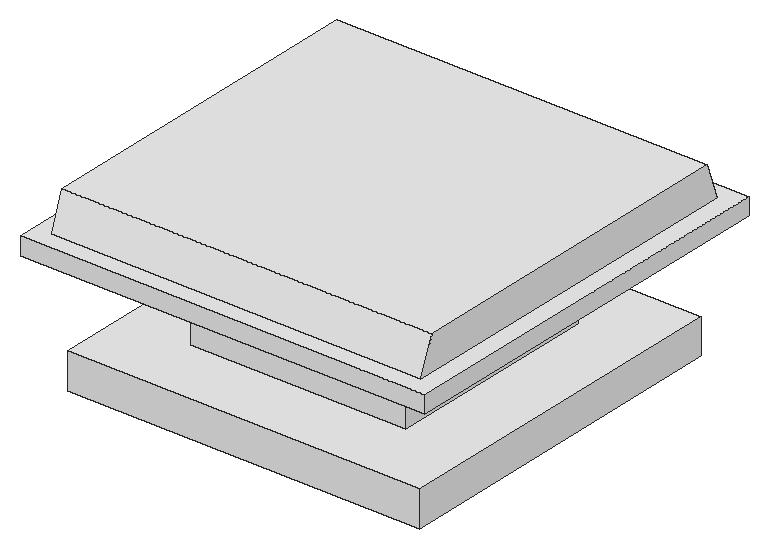
Revit family "Gravity_Intake_Roof_Ventilators-GIGB_Carnes", category Mechanical Equipment, host Face, Revit 2012
Parameters (values of type "See Type Catalog")
  ecoScorecard_data = ""
  ecoScorecard Product Page = ""
  Warranty URL = "http://www.carnes.com/GeneralCatalogs/termcond.pdf"
  Warranty = ""
  Housing = Aluminum-Carnes-Spun-Brushed
  URL = "http://www.carnes.com/index.html"
  Throat Size Width = 1' - 0"
  Throat Size Length = 1' - 0"
  Throat Area = "1.00"
  Subcategory = "Ventilation"  # constant formula
  Specifications URL = "http://www.carnes.com/ventilation/pdf/11066.pdf"
  Product Page URL = "http://www.carnes.com/ventilation/gravitymodels.htm"
  Parts List URL = ""
  Model = "GIGB"
  Material = "Aluminum or Steel"
  Manufacturer Phone = "608-845-6411"  # constant formula
  Manufacturer Fax = "608-845-6470"  # constant formula
  Manufacturer Email = "mailto:carnes@carnes.com"
  Manufacturer Address = "448 S. Main St., P. O. Box 930040, Verona, WI 53593-0040"  # constant formula
  Manufacturer = "Carnes Company"  # constant formula
  Intake Throat Velocity 900 = "900"
  Intake Throat Velocity 800 = "800"
  Intake Throat Velocity 700 = "700"
  Intake Throat Velocity 600 = "600"
  Intake Throat Velocity 500 = "500"
  Intake Throat Velocity 400 = "400"
  Intake Throat Velocity 1200 = "1200"
  Intake Throat Velocity 1000 = "1000"
  IOM Instructions URL = ""
  Hood Width = 1' - 9"
  Hood Length = 1' - 9"
  G = 0' - 10"
  Description = "Gravity Intake Roof Ventilator"  # constant formula
  Default Elevation = 0' - 0"
  Curb Cap Width = 1' - 8"
  Curb Cap Length = 1' - 8"
  Cost Info = "mailto:carnes@carnes.com"
  Catalog URL = "http://www.carnes.com/ventilation/pdf/C409-C421.pdf"
  Assembly Code = "D3040200"
  95 CSI = "15830"  # constant formula
  04 CSI = "23 34 23"  # constant formula
Reference planes (in)
  plane 1 "Center (Front/Back)": y = 0
  plane 2: z = 0
  plane 3 "Center (Left/Right)": x = 0
  plane 4 "Throat Left": x = -6
  plane 5 "Throat Right": x = 6
  plane 6 "Hood left": x = -10.5
  plane 7 "Hood Right": x = 10.5
  plane 8 "Curb Cap Left": x = -10
  plane 9 "Curb Cap right": x = 10
  plane 10 "G": z = 10
  plane 11 "Curb Cap Top": y = 10
  plane 12 "Curb Cap Bottom": y = -10
  plane 13 "Throat Size Top": y = 6
  plane 14 "Throat Size Bottom": y = -6
  plane 15 "Hood Top": y = 10.5
  plane 16 "Hood Front": y = -10.5
Forms (in)
  Extrusion 1, solid, material "Aluminum-Carnes-Spun-Brushed" <- "Housing", detail levels fine
    sketch origin (0, 0, 0) x (1, 0, 0) y (0, 1, 0)
      loop
        line (-10, -10) -> (10, -10) -> (10, 10) -> (-10, 10) -> (-10, -10)
      loop
        line (-6, 6) -> (-6, -6) -> (6, -6) -> (6, 6) -> (-6, 6)
    from 0 to 2
  Extrusion 2, solid, material "Aluminum-Carnes-Spun-Brushed" <- "Housing", detail levels fine
    sketch origin (0, 0, 0) x (1, 0, 0) y (0, 1, 0)
      loop
        line (-6, 6) -> (-6, -6) -> (6, -6) -> (6, 6) -> (-6, 6)
      loop
        line (6.125, 6.125) -> (-6.125, 6.125) -> (-6.125, -6.125) -> (6.125, -6.125) -> (6.125, 6.125)
    from 2 to 7
  Extrusion 3, solid, material "Aluminum-Carnes-Spun-Brushed" <- "Housing", detail levels fine
    sketch origin (0, 0, 0) x (1, 0, 0) y (0, 1, 0)
      loop
        line (-10.5, 10.5) -> (-10.5, -10.5) -> (10.5, -10.5) -> (10.5, 10.5) -> (-10.5, 10.5)
      loop
        line (11.5, 11.5) -> (-11.5, 11.5) -> (-11.5, -11.5) -> (11.5, -11.5) -> (11.5, 11.5)
    from 7 to 8
  Extrusion 4, solid, material "Aluminum-Carnes-Spun-Brushed" <- "Housing", detail levels fine
    sketch origin (0, 0, 0) x (0, 1, 0) y (0, 0, 1)
      loop
        line (10.5, 8) -> (9.77206, 10) -> (-9.77206, 10) -> (-10.5, 8) -> (10.5, 8)
    from -10.5 to 10.5
Lines and regions (in)
  model lines, detail levels coarse+medium
    curve 1: line (11.5, 11.5, 0) -> (-11.5, 11.5, 0)
    curve 2: line (11.5, -11.5, 0) -> (11.5, 11.5, 0)
    curve 3: line (-11.5, 11.5, 0) -> (-11.5, -11.5, 0)
    curve 4: line (-11.5, -11.5, 0) -> (11.5, -11.5, 0)
Dimensions and locks (in)
  "G": plane 10 "G" to plane 2
  equal spacing: plane 11 "Curb Cap Top", plane 1 "Center (Front/Back)", plane 12 "Curb Cap Bottom"
  "Curb Cap Width": plane 11 "Curb Cap Top" to plane 12 "Curb Cap Bottom"
  "Throat Size Width": plane 13 "Throat Size Top" to plane 14 "Throat Size Bottom"
  "Hood Width": plane 15 "Hood Top" to plane 16 "Hood Front"
  equal spacing: plane 13 "Throat Size Top", plane 1 "Center (Front/Back)", plane 14 "Throat Size Bottom"
  equal spacing: plane 15 "Hood Top", plane 1 "Center (Front/Back)", plane 16 "Hood Front"
  "Throat Size Length": plane 4 "Throat Left" to plane 5 "Throat Right"
  "Curb Cap Length": plane 8 "Curb Cap Left" to plane 9 "Curb Cap right"
  "Hood Length": plane 6 "Hood left" to plane 7 "Hood Right"
  locked: Extrusion 1 to Extrusion 2 sketch curve at 0.125  (x3)
  locked: Extrusion 2 sketch curve to Extrusion 1 at 0.125
  locked: Extrusion 3 sketch curve to Extrusion 3 sketch curve at 1  (x4)
  equal spacing: plane 6 "Hood left", plane 3 "Center (Left/Right)", plane 7 "Hood Right"
  equal spacing: plane 8 "Curb Cap Left", plane 3 "Center (Left/Right)", plane 9 "Curb Cap right"
  equal spacing: plane 4 "Throat Left", plane 3 "Center (Left/Right)", plane 5 "Throat Right"
  aligned and locked: plane 2 to host face
  aligned and locked: level to host face
  aligned and locked: Extrusion 1 sketch curve to plane 12 "Curb Cap Bottom"
  aligned and locked: plane 11 "Curb Cap Top" to Extrusion 1 sketch curve
  aligned and locked: plane 9 "Curb Cap right" to Extrusion 1 sketch curve
  aligned and locked: Extrusion 1 sketch curve to plane 8 "Curb Cap Left"
  aligned and locked: Extrusion 1 sketch curve to plane 5 "Throat Right"
  aligned and locked: Extrusion 1 sketch curve to plane 13 "Throat Size Top"
  aligned and locked: plane 14 "Throat Size Bottom" to Extrusion 1 sketch curve
  aligned and locked: Extrusion 1 sketch curve to plane 4 "Throat Left"
  aligned and locked: Extrusion 2 sketch curve to plane 5 "Throat Right"
  aligned and locked: Extrusion 2 sketch curve to plane 13 "Throat Size Top"
  aligned and locked: Extrusion 2 sketch curve to plane 4 "Throat Left"
  aligned and locked: plane 14 "Throat Size Bottom" to Extrusion 2 sketch curve
  aligned and locked: plane 7 "Hood Right" to Extrusion 3 sketch curve
  aligned and locked: plane 16 "Hood Front" to Extrusion 3 sketch curve
  aligned and locked: Extrusion 3 sketch curve to plane 6 "Hood left"
  aligned and locked: Extrusion 3 sketch curve to plane 15 "Hood Top"
  aligned and locked: Extrusion 4 sketch curve to plane 10 "G"
  aligned and locked: Extrusion 3 to Extrusion 4 sketch curve
  aligned and locked: Extrusion 4 to plane 7 "Hood Right"
  aligned and locked: plane 6 "Hood left" to Extrusion 4
  aligned and locked: Extrusion 4 to Extrusion 3  (x2)
Automatic sketch dimensions
  host sketch curve to host sketch curve = 8' - 0"  (x2)
  Extrusion 4 sketch curve to plane 16 "Hood Front" = 0' - 0"
  Extrusion 4 sketch curve to plane 15 "Hood Top" = 0' - 0"
  plane 16 "Hood Front" to Extrusion 4 sketch curve = 0' - 0.72794"
  Extrusion 4 sketch curve to plane 15 "Hood Top" = 0' - 0.72794"
  plane 6 "Hood left" to curve 1 = 0' - 1"
  curve 2 to plane 7 "Hood Right" = 0' - 1"
  curve 2 to plane 16 "Hood Front" = 0' - 1"
  plane 15 "Hood Top" to curve 1 = 0' - 1"
Types in the file's own list only (133): name | Throat Size Width | Throat Size Length | Throat Area | Intake Throat Velocity 900 | Intake Throat Velocity 800 | Intake Throat Velocity 700 | Intake Throat Velocity 600 | Intake Throat Velocity 500 | Intake Throat Velocity 400 | Intake Throat Velocity 1200 | Intake Throat Velocity 1000 | Hood Width | Hood Length | G | Curb Cap Width | Curb Cap Length
  12x12 | 1' - 0" | 1' - 0" | "1.00" | "900" | "800" | "700" | "600" | "500" | "400" | "1200" | "1000" | 1' - 9" | 1' - 9" | 0' - 10" | 1' - 8" | 1' - 8"
  12x18 | 1' - 0" | 1' - 6" | "1.50" | "1350" | "1200" | "1050" | "900" | "750" | "600" | "1800" | "1500" | 1' - 10" | 2' - 4" | 0' - 10" | 1' - 8" | 2' - 2"
  12x24 | 1' - 0" | 2' - 0" | "2.00" | "1800" | "1600" | "1400" | "1200" | "1000" | "800" | "2400" | "2000" | 2' - 1" | 3' - 1" | 0' - 10" | 1' - 8" | 2' - 8"
  12x30 | 1' - 0" | 2' - 6" | "2.50" | "2250" | "2000" | "1750" | "1500" | "1250" | "1000" | "3000" | "2500" | 2' - 1" | 3' - 7" | 0' - 10" | 1' - 8" | 3' - 2"
  12x36 | 1' - 0" | 3' - 0" | "3.00" | "2700" | "2400" | "2100" | "1800" | "1500" | "1200" | "3600" | "3000" | 2' - 1" | 4' - 3" | 0' - 10" | 1' - 8" | 3' - 8"
  12x42 | 1' - 0" | 3' - 6" | "3.50" | "3150" | "2800" | "2450" | "2100" | "1750" | "1400" | "4200" | "3500" | 2' - 3" | 4' - 9" | 0' - 10" | 1' - 8" | 4' - 2"
  12x48 | 1' - 0" | 4' - 0" | "4.00" | "3600" | "3200" | "2800" | "2400" | "2000" | "1600" | "4800" | "4000" | 2' - 3" | 5' - 3" | 0' - 10" | 1' - 8" | 4' - 8"
  14x14 | 1' - 2" | 1' - 2" | "1.36" | "1225" | "1089" | "953" | "817" | "681" | "544" | "1633" | "1361" | 2' - 1" | 2' - 1" | 0' - 11" | 1' - 10" | 1' - 10"
  14x18 | 1' - 2" | 1' - 6" | "1.75" | "1575" | "1400" | "1225" | "1050" | "875" | "700" | "2100" | "1750" | 2' - 2" | 2' - 6" | 0' - 11" | 1' - 10" | 2' - 2"
  14x24 | 1' - 2" | 2' - 0" | "2.33" | "2100" | "1867" | "1633" | "1400" | "1167" | "933" | "2800" | "2333" | 2' - 3" | 3' - 1" | 0' - 11" | 1' - 10" | 2' - 8"
  14x30 | 1' - 2" | 2' - 6" | "2.92" | "2625" | "2333" | "2042" | "1750" | "1458" | "1167" | "3500" | "2917" | 2' - 3" | 3' - 7" | 0' - 11" | 1' - 10" | 3' - 2"
  14x36 | 1' - 2" | 3' - 0" | "3.50" | "3150" | "2800" | "2450" | "2100" | "1750" | "1400" | "4200" | "3500" | 2' - 6" | 4' - 4" | 0' - 11" | 1' - 10" | 3' - 8"
  14x42 | 1' - 2" | 3' - 6" | "4.08" | "2675" | "3267" | "2858" | "2450" | "2042" | "1633" | "4900" | "4083" | 2' - 6" | 4' - 10" | 0' - 11" | 1' - 10" | 4' - 2"
  14x48 | 1' - 2" | 4' - 0" | "4.67" | "4200" | "3733" | "3267" | "2800" | "2333" | "1867" | "5600" | "4667" | 2' - 8" | 5' - 6" | 0' - 11" | 1' - 10" | 4' - 8"
  16x16 | 1' - 4" | 1' - 4" | "1.78" | "1600" | "1422" | "1244" | "1067" | "889" | "711" | "2133" | "1778" | 2' - 4" | 2' - 4" | 1' - 0" | 2' - 0" | 2' - 0"
  16x18 | 1' - 4" | 1' - 6" | "2.00" | "1800" | "1600" | "1400" | "1200" | "1000" | "800" | "2400" | "2000" | 2' - 4" | 2' - 6" | 1' - 0" | 2' - 0" | 2' - 2"
  16x24 | 1' - 4" | 2' - 0" | "2.67" | "2400" | "2133" | "1867" | "1600" | "1333" | "1067" | "3200" | "2667" | 2' - 7" | 3' - 3" | 1' - 0" | 2' - 0" | 2' - 8"
  16x30 | 1' - 4" | 2' - 6" | "3.33" | "3000" | "2667" | "2333" | "2000" | "1667" | "1333" | "4000" | "3333" | 2' - 7" | 3' - 9" | 1' - 0" | 2' - 0" | 3' - 2"
  16x36 | 1' - 4" | 3' - 0" | "4.00" | "3600" | "3200" | "2800" | "2400" | "2000" | "1600" | "4800" | "4000" | 2' - 10" | 4' - 6" | 1' - 0" | 2' - 0" | 3' - 8"
  16x42 | 1' - 4" | 3' - 6" | "4.67" | "4200" | "3733" | "3267" | "2800" | "2333" | "1867" | "5600" | "4667" | 2' - 10" | 5' - 0" | 1' - 0" | 2' - 0" | 4' - 2"
  16x48 | 1' - 4" | 4' - 0" | "5.33" | "4800" | "4267" | "3733" | "3200" | "2667" | "2133" | "6400" | "5333" | 2' - 11" | 5' - 7" | 1' - 0" | 2' - 0" | 4' - 8"
  16x54 | 1' - 4" | 4' - 6" | "6.00" | "5400" | "4800" | "4200" | "3600" | "3000" | "2400" | "7200" | "6000" | 2' - 11" | 6' - 1" | 1' - 0" | 2' - 0" | 5' - 2"
  18x18 | 1' - 6" | 1' - 6" | "2.25" | "2025" | "1800" | "1575" | "1350" | "1125" | "900" | "2700" | "2250" | 2' - 8" | 2' - 8" | 1' - 0" | 2' - 2" | 2' - 2"
  18x20 | 1' - 6" | 1' - 8" | "2.50" | "2250" | "2000" | "1750" | "1500" | "1250" | "1000" | "3000" | "2500" | 2' - 8" | 2' - 10" | 1' - 0" | 2' - 2" | 2' - 4"
  18x24 | 1' - 6" | 2' - 0" | "3.00" | "2700" | "2400" | "2100" | "1800" | "1500" | "1200" | "3600" | "3000" | 2' - 9" | 3' - 3" | 1' - 0" | 2' - 2" | 2' - 8"
  18x30 | 1' - 6" | 2' - 6" | "3.75" | "3375" | "3000" | "2625" | "2250" | "1875" | "1500" | "4500" | "3750" | 3' - 0" | 4' - 0" | 1' - 0" | 2' - 2" | 3' - 2"
  18x36 | 1' - 6" | 3' - 0" | "4.50" | "4050" | "3600" | "3150" | "2700" | "2250" | "1800" | "5400" | "4500" | 3' - 0" | 4' - 6" | 1' - 0" | 2' - 2" | 3' - 8"
  18x42 | 1' - 6" | 3' - 6" | "5.25" | "4725" | "4200" | "3675" | "3150" | "2625" | "2100" | "6300" | "5250" | 3' - 2" | 5' - 2" | 1' - 0" | 2' - 2" | 4' - 2"
  18x48 | 1' - 6" | 4' - 0" | "6.00" | "5400" | "4800" | "4200" | "3600" | "3000" | "2400" | "7200" | "6000" | 3' - 2" | 5' - 8" | 1' - 0" | 2' - 2" | 4' - 8"
  18x54 | 1' - 6" | 4' - 6" | "6.75" | "6075" | "5400" | "4725" | "4050" | "3375" | "2700" | "8100" | "6750" | 3' - 4" | 6' - 4" | 1' - 0" | 2' - 2" | 5' - 2"
  18x60 | 1' - 6" | 5' - 0" | "7.50" | "6750" | "6000" | "5250" | "4500" | "3750" | "3000" | "9000" | "7500" | 3' - 4" | 6' - 10" | 1' - 0" | 2' - 2" | 5' - 8"
  20x20 | 1' - 8" | 1' - 8" | "2.78" | "2500" | "2222" | "1944" | "1667" | "1389" | "1111" | "3333" | "2778" | 2' - 11" | 2' - 11" | 1' - 1" | 2' - 4" | 2' - 4"
  20x22 | 1' - 8" | 1' - 10" | "3.06" | "2750" | "2444" | "2139" | "1833" | "1528" | "1222" | "3667" | "3056" | 2' - 11" | 3' - 1" | 1' - 1" | 2' - 4" | 2' - 6"
  20x24 | 1' - 8" | 2' - 0" | "3.33" | "3000" | "2667" | "2333" | "2000" | "1667" | "1333" | "4000" | "3333" | 3' - 1" | 3' - 5" | 1' - 1" | 2' - 4" | 2' - 8"
  20x30 | 1' - 8" | 2' - 6" | "4.17" | "3750" | "3333" | "2917" | "2500" | "2083" | "1667" | "5000" | "4167" | 3' - 1" | 3' - 11" | 1' - 1" | 2' - 4" | 3' - 2"
  20x36 | 1' - 8" | 3' - 0" | "5.00" | "4500" | "4000" | "3500" | "3000" | "2500" | "2000" | "6000" | "5000" | 3' - 4" | 4' - 8" | 1' - 1" | 2' - 4" | 3' - 8"
  20x42 | 1' - 8" | 3' - 6" | "5.83" | "5250" | "4667" | "4083" | "3500" | "2917" | "2333" | "7000" | "5833" | 3' - 4" | 5' - 2" | 1' - 1" | 2' - 4" | 4' - 2"
  20x48 | 1' - 8" | 4' - 0" | "6.67" | "6000" | "5333" | "4667" | "4000" | "3333" | "2667" | "8000" | "6667" | 3' - 6" | 5' - 10" | 1' - 1" | 2' - 4" | 4' - 8"
  20x54 | 1' - 8" | 4' - 6" | "7.50" | "6750" | "6000" | "5250" | "4500" | "3750" | "3000" | "9000" | "7500" | 3' - 6" | 6' - 4" | 1' - 1" | 2' - 4" | 5' - 2"
  20x60 | 1' - 8" | 5' - 0" | "8.33" | "7500" | "6667" | "5833" | "5000" | "4167" | "3333" | "10000" | "8333" | 3' - 8" | 7' - 0" | 1' - 1" | 2' - 4" | 5' - 8"
  20x66 | 1' - 8" | 5' - 6" | "9.17" | "8250" | "7333" | "6417" | "5500" | "4583" | "3667" | "11000" | "9167" | 3' - 8" | 7' - 6" | 1' - 1" | 2' - 4" | 6' - 2"
  20x72 | 1' - 8" | 6' - 0" | "10.00" | "9000" | "8000" | "7000" | "6000" | "5000" | "4000" | "12000" | "10000" | 3' - 10" | 8' - 2" | 1' - 1" | 2' - 4" | 6' - 8"
  20x84 | 1' - 8" | 7' - 0" | "11.67" | "10500" | "9333" | "8167" | "7000" | "5833" | "4667" | "14000" | "11667" | 3' - 10" | 9' - 2" | 1' - 1" | 2' - 4" | 7' - 8"
  22x22 | 1' - 10" | 1' - 10" | "3.36" | "3025" | "2689" | "2353" | "2017" | "1681" | "1344" | "4033" | "3361" | 3' - 3" | 3' - 3" | 1' - 2" | 2' - 6" | 2' - 6"
  22x24 | 1' - 10" | 2' - 0" | "3.67" | "3300" | "2933" | "2567" | "2200" | "1833" | "1467" | "4400" | "3667" | 3' - 3" | 3' - 5" | 1' - 2" | 2' - 6" | 2' - 8"
  22x30 | 1' - 10" | 2' - 6" | "4.58" | "4125" | "3667" | "3208" | "2750" | "2292" | "1833" | "5500" | "4583" | 3' - 7" | 4' - 3" | 1' - 2" | 2' - 6" | 3' - 2"
  22x36 | 1' - 10" | 3' - 0" | "5.50" | "4950" | "4400" | "3850" | "3300" | "2750" | "2200" | "6600" | "5500" | 3' - 7" | 4' - 9" | 1' - 2" | 2' - 6" | 3' - 8"
  22x42 | 1' - 10" | 3' - 6" | "6.43" | "5775" | "5133" | "4492" | "3850" | "3208" | "2567" | "7700" | "6417" | 3' - 7" | 5' - 3" | 1' - 2" | 2' - 6" | 4' - 2"
  22x48 | 1' - 10" | 4' - 0" | "7.33" | "6600" | "5867" | "5133" | "4400" | "3667" | "2933" | "8800" | "7333" | 3' - 10" | 6' - 0" | 1' - 2" | 2' - 6" | 4' - 8"
  22x54 | 1' - 10" | 4' - 6" | "8.25" | "7425" | "6600" | "5775" | "4950" | "4125" | "3300" | "9900" | "8250" | 3' - 10" | 6' - 6" | 1' - 2" | 2' - 6" | 5' - 2"
  22x60 | 1' - 10" | 5' - 0" | "9.17" | "8250" | "7333" | "6417" | "5500" | "4583" | "3667" | "11000" | "9167" | 4' - 0" | 7' - 2" | 1' - 2" | 2' - 6" | 5' - 8"
  22x66 | 1' - 10" | 5' - 6" | "10.08" | "9075" | "8067" | "7058" | "6050" | "5042" | "4033" | "12100" | "10083" | 4' - 0" | 7' - 8" | 1' - 2" | 2' - 6" | 6' - 2"
  22x72 | 1' - 10" | 6' - 0" | "11.00" | "9900" | "8800" | "7700" | "6600" | "5500" | "4400" | "13200" | "11000" | 4' - 0" | 8' - 2" | 1' - 2" | 2' - 6" | 6' - 8"
  22x84 | 1' - 10" | 7' - 0" | "12.83" | "11550" | "10267" | "8983" | "7700" | "6417" | "5133" | "15400" | "12833" | 4' - 1" | 9' - 3" | 1' - 2" | 2' - 6" | 7' - 8"
  24x24 | 2' - 0" | 2' - 0" | "4.00" | "3600" | "3200" | "2800" | "2400" | "2000" | "1600" | "4800" | "4000" | 3' - 8" | 3' - 8" | 1' - 3" | 2' - 8" | 2' - 8"
  24x30 | 2' - 0" | 2' - 6" | "5.00" | "4500" | "4000" | "3500" | "3000" | "2500" | "2000" | "6000" | "5000" | 3' - 8" | 4' - 2" | 1' - 3" | 2' - 8" | 3' - 2"
  24x36 | 2' - 0" | 3' - 0" | "6.00" | "5400" | "4800" | "4200" | "3600" | "3000" | "2400" | "7200" | "6000" | 3' - 10" | 4' - 10" | 1' - 3" | 2' - 8" | 3' - 8"
  24x42 | 2' - 0" | 3' - 6" | "7.00" | "6300" | "5600" | "4900" | "4200" | "3500" | "2800" | "8400" | "7000" | 3' - 10" | 5' - 4" | 1' - 3" | 2' - 8" | 4' - 2"
  24x48 | 2' - 0" | 4' - 0" | "8.00" | "7200" | "6400" | "5600" | "4800" | "4000" | "3200" | "9600" | "8000" | 4' - 1" | 6' - 1" | 1' - 3" | 2' - 8" | 4' - 8"
  24x54 | 2' - 0" | 4' - 6" | "9.00" | "8100" | "7200" | "6300" | "5400" | "4500" | "3600" | "10800" | "9000" | 4' - 1" | 6' - 7" | 1' - 3" | 2' - 8" | 5' - 2"
  24x60 | 2' - 0" | 5' - 0" | "10.00" | "9000" | "8000" | "7000" | "6000" | "5000" | "4000" | "12000" | "10000" | 4' - 3" | 7' - 3" | 1' - 3" | 2' - 8" | 5' - 8"
  24x66 | 2' - 0" | 5' - 6" | "11.00" | "9900" | "8800" | "7700" | "6600" | "5500" | "4400" | "13200" | "11000" | 4' - 3" | 7' - 9" | 1' - 3" | 2' - 8" | 6' - 2"
  24x72 | 2' - 0" | 6' - 0" | "12.00" | "10800" | "9600" | "8400" | "7200" | "6000" | "4800" | "14400" | "12000" | 4' - 4" | 8' - 4" | 1' - 3" | 2' - 8" | 6' - 8"
  24x84 | 2' - 0" | 7' - 0" | "14.00" | "12600" | "11200" | "9800" | "8400" | "7000" | "5600" | "16800" | "14000" | 4' - 4" | 9' - 5" | 1' - 3" | 2' - 8" | 7' - 8"
  24x96 | 2' - 0" | 8' - 0" | "16.00" | "14400" | "12800" | "11200" | "9600" | "8000" | "6400" | "19200" | "16000" | 4' - 6" | 10' - 6" | 1' - 3" | 2' - 8" | 8' - 8"
  30x30 | 2' - 6" | 2' - 6" | "6.25" | "5625" | "5000" | "4375" | "3750" | "3125" | "2500" | "7500" | "6250" | 4' - 4" | 4' - 4" | 1' - 5" | 3' - 2" | 3' - 2"
  30x36 | 2' - 6" | 3' - 0" | "7.50" | "6750" | "6000" | "5250" | "4500" | "3750" | "3000" | "9000" | "7500" | 4' - 6" | 5' - 0" | 1' - 5" | 3' - 2" | 3' - 8"
  30x42 | 2' - 6" | 3' - 6" | "8.75" | "7875" | "7000" | "6125" | "5250" | "4375" | "3500" | "10500" | "8750" | 4' - 9" | 5' - 9" | 1' - 5" | 3' - 2" | 4' - 2"
  30x48 | 2' - 6" | 4' - 0" | "10.00" | "9000" | "8000" | "7000" | "6000" | "5000" | "4000" | "12000" | "10000" | 4' - 9" | 6' - 3" | 1' - 5" | 3' - 2" | 4' - 8"
  30x54 | 2' - 6" | 4' - 6" | "11.25" | "10125" | "9000" | "7875" | "6750" | "5625" | "4500" | "13500" | "11250" | 5' - 0" | 7' - 0" | 1' - 5" | 3' - 2" | 5' - 2"
  30x60 | 2' - 6" | 5' - 0" | "12.50" | "11250" | "10000" | "8750" | "7500" | "6250" | "5000" | "15000" | "12500" | 5' - 0" | 7' - 6" | 1' - 5" | 3' - 2" | 5' - 8"
  30x66 | 2' - 6" | 5' - 6" | "13.75" | "12375" | "11000" | "9625" | "8250" | "6875" | "5500" | "16500" | "13750" | 5' - 2" | 8' - 2" | 1' - 5" | 3' - 2" | 6' - 2"
  30x72 | 2' - 6" | 6' - 0" | "15.00" | "13500" | "12000" | "10500" | "9000" | "7500" | "6000" | "18000" | "15000" | 5' - 2" | 8' - 8" | 1' - 5" | 3' - 2" | 6' - 8"
  30x84 | 2' - 6" | 7' - 0" | "17.50" | "15750" | "14000" | "12250" | "10500" | "8750" | "7000" | "21000" | "17500" | 5' - 3" | 9' - 9" | 1' - 5" | 3' - 2" | 7' - 8"
  30x96 | 2' - 6" | 8' - 0" | "20.00" | "18000" | "16000" | "14000" | "12000" | "10000" | "8000" | "24000" | "20000" | 5' - 5" | 10' - 11" | 1' - 5" | 3' - 2" | 8' - 8"
  30x108 | 2' - 6" | 9' - 0" | "22.50" | "20250" | "18000" | "15750" | "13500" | "11250" | "9000" | "27000" | "22500" | 5' - 7" | 12' - 1" | 1' - 5" | 3' - 2" | 9' - 8"
  30x120 | 2' - 6" | 10' - 0" | "25.00" | "22500" | "20000" | "17500" | "15000" | "12500" | "10000" | "30000" | "25000" | 5' - 8" | 13' - 2" | 1' - 5" | 3' - 2" | 10' - 8"
  36x36 | 3' - 0" | 3' - 0" | "9.00" | "8100" | "7200" | "6300" | "5400" | "4500" | "3600" | "10800" | "9000" | 5' - 2" | 5' - 2" | 1' - 8" | 3' - 8" | 3' - 8"
  36x42 | 3' - 0" | 3' - 6" | "10.50" | "9450" | "8400" | "7350" | "6300" | "5250" | "4200" | "12600" | "10500" | 5' - 5" | 5' - 11" | 1' - 8" | 3' - 8" | 4' - 2"
  36x48 | 3' - 0" | 4' - 0" | "12.00" | "10800" | "9600" | "8400" | "7200" | "6000" | "4800" | "14400" | "12000" | 5' - 5" | 6' - 5" | 1' - 8" | 3' - 8" | 4' - 8"
  36x54 | 3' - 0" | 4' - 6" | "13.50" | "12150" | "10800" | "9450" | "8100" | "6750" | "5400" | "16200" | "13500" | 5' - 9" | 7' - 3" | 1' - 8" | 3' - 8" | 5' - 2"
  36x60 | 3' - 0" | 5' - 0" | "15.00" | "13500" | "12000" | "10500" | "9000" | "7500" | "6000" | "18000" | "15000" | 5' - 9" | 7' - 9" | 1' - 8" | 3' - 8" | 5' - 8"
  36x66 | 3' - 0" | 5' - 6" | "16.50" | "14850" | "13200" | "11550" | "9900" | "8250" | "6600" | "19800" | "16500" | 5' - 10" | 8' - 4" | 1' - 8" | 3' - 8" | 6' - 2"
  36x72 | 3' - 0" | 6' - 0" | "18.00" | "16200" | "14400" | "12600" | "10800" | "9000" | "7200" | "21600" | "18000" | 5' - 11" | 8' - 11" | 1' - 8" | 3' - 8" | 6' - 8"
  36x84 | 3' - 0" | 7' - 0" | "21.00" | "18900" | "16800" | "14700" | "12600" | "10500" | "8400" | "25200" | "21000" | 6' - 2" | 10' - 2" | 1' - 8" | 3' - 8" | 7' - 8"
  36x96 | 3' - 0" | 8' - 0" | "24.00" | "21600" | "19200" | "16800" | "14400" | "12000" | "9600" | "28800" | "24000" | 6' - 4" | 11' - 4" | 1' - 8" | 3' - 8" | 8' - 8"
  36x108 | 3' - 0" | 9' - 0" | "27.00" | "24300" | "21600" | "18900" | "16200" | "13500" | "10800" | "32400" | "27000" | 6' - 6" | 12' - 6" | 1' - 8" | 3' - 8" | 9' - 8"
  36x120 | 3' - 0" | 10' - 0" | "30.00" | "27000" | "24000" | "21000" | "18000" | "15000" | "12000" | "36000" | "30000" | 6' - 7" | 13' - 7" | 1' - 8" | 3' - 8" | 10' - 8"
  42x42 | 3' - 6" | 3' - 6" | "12.25" | "11025" | "9800" | "8575" | "7350" | "6125" | "4900" | "14700" | "12250" | 6' - 2" | 6' - 2" | 1' - 10" | 4' - 2" | 4' - 2"
  42x48 | 3' - 6" | 4' - 0" | "14.00" | "12600" | "11200" | "9800" | "8400" | "7000" | "5600" | "16800" | "14000" | 6' - 2" | 6' - 8" | 1' - 10" | 4' - 2" | 4' - 8"
  42x54 | 3' - 6" | 4' - 6" | "15.75" | "14175" | "12600" | "11025" | "9450" | "7875" | "6300" | "18900" | "15750" | 6' - 6" | 7' - 6" | 1' - 10" | 4' - 2" | 5' - 2"
  42x60 | 3' - 6" | 5' - 0" | "17.50" | "15750" | "14000" | "12250" | "10500" | "8750" | "7000" | "21000" | "17500" | 6' - 6" | 8' - 0" | 1' - 10" | 4' - 2" | 5' - 8"
  42x66 | 3' - 6" | 5' - 6" | "19.25" | "17325" | "15400" | "13475" | "11550" | "9625" | "7700" | "23100" | "19250" | 6' - 8" | 8' - 8" | 1' - 10" | 4' - 2" | 6' - 2"
  42x72 | 3' - 6" | 6' - 0" | "21.00" | "18900" | "16800" | "14700" | "12600" | "10500" | "8400" | "25200" | "21000" | 6' - 9" | 9' - 3" | 1' - 10" | 4' - 2" | 6' - 8"
  42x84 | 3' - 6" | 7' - 0" | "24.5" | "22050" | "19600" | "17150" | "14700" | "12250" | "9800" | "29400" | "24500" | 6' - 11" | 10' - 5" | 1' - 10" | 4' - 2" | 7' - 8"
  42x96 | 3' - 6" | 8' - 0" | "28.00" | "25200" | "22400" | "19600" | "16800" | "14000" | "11200" | "33600" | "28000" | 7' - 2" | 11' - 8" | 1' - 10" | 4' - 2" | 8' - 8"
  42x108 | 3' - 6" | 9' - 0" | "31.50" | "28350" | "25200" | "22050" | "18900" | "15750" | "12600" | "37800" | "31500" | 7' - 4" | 12' - 10" | 1' - 10" | 4' - 2" | 9' - 8"
  42x120 | 3' - 6" | 10' - 0" | "35.00" | "31500" | "28000" | "24500" | "21000" | "17500" | "14000" | "42000" | "35000" | 7' - 6" | 14' - 0" | 0' - 2" | 4' - 2" | 10' - 8"
  48x48 | 4' - 0" | 4' - 0" | "16.00" | "14400" | "12800" | "11200" | "9600" | "8000" | "6400" | "19200" | "16000" | 7' - 0" | 7' - 0" | 2' - 1" | 4' - 8" | 4' - 8"
  48x54 | 4' - 0" | 4' - 6" | "18.00" | "16200" | "14400" | "12600" | "10800" | "9000" | "7200" | "21600" | "18000" | 7' - 0" | 7' - 6" | 2' - 1" | 4' - 8" | 5' - 2"
  48x60 | 4' - 0" | 5' - 0" | "20.00" | "18000" | "16000" | "14000" | "12000" | "10000" | "8000" | "24000" | "20000" | 7' - 3" | 8' - 3" | 2' - 1" | 4' - 8" | 5' - 8"
  48x66 | 4' - 0" | 5' - 6" | "22.00" | "19800" | "17600" | "15400" | "13200" | "11000" | "8800" | "26400" | "22000" | 7' - 4" | 9' - 0" | 2' - 1" | 4' - 8" | 6' - 2"
  48x72 | 4' - 0" | 6' - 0" | "24.00" | "21600" | "19200" | "16800" | "14400" | "12000" | "9600" | "28800" | "24000" | 7' - 6" | 9' - 6" | 2' - 1" | 4' - 8" | 6' - 8"
  48x84 | 4' - 0" | 7' - 0" | "18.00" | "25200" | "22400" | "19600" | "16800" | "14000" | "11200" | "33600" | "28000" | 7' - 9" | 10' - 9" | 2' - 1" | 4' - 8" | 7' - 8"
  48x96 | 4' - 0" | 8' - 0" | "32.00" | "28800" | "25600" | "21400" | "19200" | "16000" | "12800" | "38400" | "32000" | 8' - 0" | 12' - 0" | 2' - 1" | 4' - 8" | 8' - 8"
  48x108 | 4' - 0" | 9' - 0" | "36.00" | "32400" | "28800" | "25200" | "21600" | "18000" | "14400" | "43200" | "36000" | 8' - 2" | 13' - 2" | 2' - 1" | 4' - 8" | 9' - 8"
  48x120 | 4' - 0" | 10' - 0" | "40.00" | "36000" | "32000" | "28000" | "24000" | "20000" | "16000" | "48000" | "40000" | 8' - 4" | 14' - 4" | 2' - 1" | 4' - 8" | 10' - 8"
  54x54 | 4' - 6" | 4' - 6" | "20.25" | "18225" | "16200" | "14175" | "12150" | "10125" | "8100" | "24300" | "20250" | 7' - 10" | 7' - 10" | 2' - 3" | 5' - 2" | 5' - 2"
  54x60 | 4' - 6" | 5' - 0" | "22.50" | "20250" | "18000" | "15750" | "13500" | "11250" | "9000" | "27000" | "22500" | 8' - 0" | 8' - 6" | 2' - 3" | 5' - 2" | 5' - 8"
  54x66 | 4' - 6" | 5' - 6" | "24.75" | "22275" | "19800" | "17325" | "14850" | "12375" | "9900" | "29700" | "24750" | 8' - 2" | 9' - 2" | 2' - 3" | 5' - 2" | 6' - 2"
  54x72 | 4' - 6" | 6' - 0" | "27.00" | "24300" | "21600" | "18900" | "16200" | "13500" | "10800" | "32400" | "27000" | 8' - 3" | 9' - 9" | 2' - 3" | 5' - 2" | 6' - 8"
  54x84 | 4' - 6" | 7' - 0" | "31.50" | "28350" | "25200" | "22050" | "18900" | "15750" | "12600" | "37800" | "31500" | 8' - 7" | 11' - 1" | 2' - 3" | 5' - 2" | 7' - 8"
  54x96 | 4' - 6" | 8' - 0" | "36.00" | "32400" | "28800" | "25200" | "21600" | "18000" | "14400" | "43200" | "36000" | 8' - 9" | 12' - 3" | 2' - 3" | 5' - 2" | 8' - 8"
  54x108 | 4' - 6" | 9' - 0" | "40.50" | "36450" | "32400" | "28350" | "24300" | "20250" | "16200" | "48600" | "40500" | 9' - 0" | 13' - 6" | 2' - 3" | 5' - 2" | 9' - 8"
  54x120 | 4' - 6" | 10' - 0" | "45.00" | "40500" | "36000" | "31500" | "27000" | "22500" | "18000" | "54000" | "45000" | 9' - 2" | 14' - 7" | 2' - 3" | 5' - 2" | 10' - 8"
  60x60 | 5' - 0" | 5' - 0" | "25.00" | "22500" | "20000" | "17500" | "15000" | "12500" | "10000" | "30000" | "25000" | 8' - 8" | 8' - 8" | 2' - 5" | 5' - 8" | 5' - 8"
  60x66 | 5' - 0" | 5' - 6" | "27.50" | "24750" | "22000" | "19250" | "16500" | "13750" | "11000" | "33000" | "27500" | 8' - 10" | 9' - 4" | 2' - 5" | 5' - 8" | 6' - 2"
  60x72 | 5' - 0" | 6' - 0" | "30.00" | "27000" | "24000" | "21000" | "18000" | "15000" | "12000" | "36000" | "30000" | 9' - 0" | 10' - 0" | 2' - 5" | 5' - 8" | 6' - 8"
  60x84 | 5' - 0" | 7' - 0" | "35.00" | "31500" | "28000" | "24500" | "21000" | "17500" | "14000" | "42000" | "35000" | 9' - 4" | 11' - 4" | 2' - 5" | 5' - 8" | 7' - 8"
  60x90 | 5' - 0" | 7' - 6" | "40.00" | "36000" | "32000" | "28000" | "24000" | "20000" | "16000" | "48000" | "40000" | 9' - 7" | 12' - 7" | 2' - 5" | 5' - 8" | 8' - 8"
  60x180 | 5' - 0" | 9' - 0" | "45.00" | "40500" | "36000" | "31500" | "27000" | "22500" | "18000" | "54000" | "45000" | 9' - 9" | 13' - 9" | 2' - 5" | 5' - 8" | 9' - 8"
  60x120 | 5' - 0" | 10' - 0" | "50.00" | "45000" | "40000" | "35000" | "30000" | "25000" | "20000" | "60000" | "50000" | 10' - 0" | 15' - 0" | 2' - 5" | 5' - 8" | 10' - 8"
  66x66 | 5' - 6" | 5' - 6" | "30.25" | "27225" | "24200" | "21175" | "18150" | "15125" | "12100" | "36300" | "30250" | 9' - 6" | 9' - 6" | 2' - 8" | 6' - 2" | 6' - 2"
  66x72 | 5' - 6" | 6' - 0" | "33.00" | "29700" | "26400" | "23100" | "19800" | "16500" | "13200" | "39600" | "33000" | 9' - 8" | 10' - 2" | 2' - 8" | 6' - 2" | 6' - 8"
  66x84 | 5' - 6" | 7' - 0" | "38.50" | "34650" | "30800" | "26950" | "23100" | "19250" | "15400" | "46200" | "38500" | 10' - 0" | 11' - 6" | 2' - 8" | 6' - 2" | 7' - 8"
  66x96 | 5' - 6" | 8' - 0" | "44.00" | "29600" | "35200" | "30800" | "26400" | "22000" | "17600" | "52800" | "44000" | 10' - 4" | 12' - 10" | 2' - 8" | 6' - 2" | 8' - 8"
  66x108 | 5' - 6" | 9' - 0" | "49.50" | "33550" | "39600" | "34650" | "29700" | "24750" | "19800" | "59400" | "49500" | 10' - 7" | 14' - 1" | 2' - 8" | 6' - 2" | 9' - 8"
  66x120 | 5' - 6" | 10' - 0" | "55.00" | "49500" | "44000" | "38500" | "33000" | "27500" | "22000" | "66000" | "55000" | 10' - 9" | 15' - 3" | 2' - 8" | 6' - 2" | 10' - 8"
  72x72 | 6' - 0" | 6' - 0" | "36.00" | "32400" | "28800" | "25200" | "21600" | "18000" | "14400" | "43200" | "36000" | 10' - 5" | 10' - 5" | 2' - 10" | 6' - 8" | 6' - 8"
  72x84 | 6' - 0" | 7' - 0" | "42.00" | "37800" | "33600" | "29400" | "25200" | "21000" | "16800" | "50400" | "42000" | 10' - 9" | 11' - 9" | 2' - 10" | 6' - 8" | 7' - 8"
  72x96 | 6' - 0" | 8' - 0" | "48.00" | "43200" | "38400" | "33600" | "28800" | "24000" | "19200" | "57600" | "48000" | 10' - 9" | 12' - 9" | 2' - 10" | 6' - 8" | 8' - 8"
  72x108 | 6' - 0" | 9' - 0" | "54.00" | "48600" | "43200" | "37800" | "32400" | "27000" | "21600" | "64800" | "54000" | 11' - 3" | 14' - 3" | 2' - 10" | 6' - 8" | 9' - 8"
  72x120 | 6' - 0" | 10' - 0" | "60.00" | "54000" | "48000" | "42000" | "36000" | "30000" | "24000" | "76200" | "60000" | 11' - 3" | 15' - 3" | 2' - 10" | 6' - 8" | 10' - 8"
